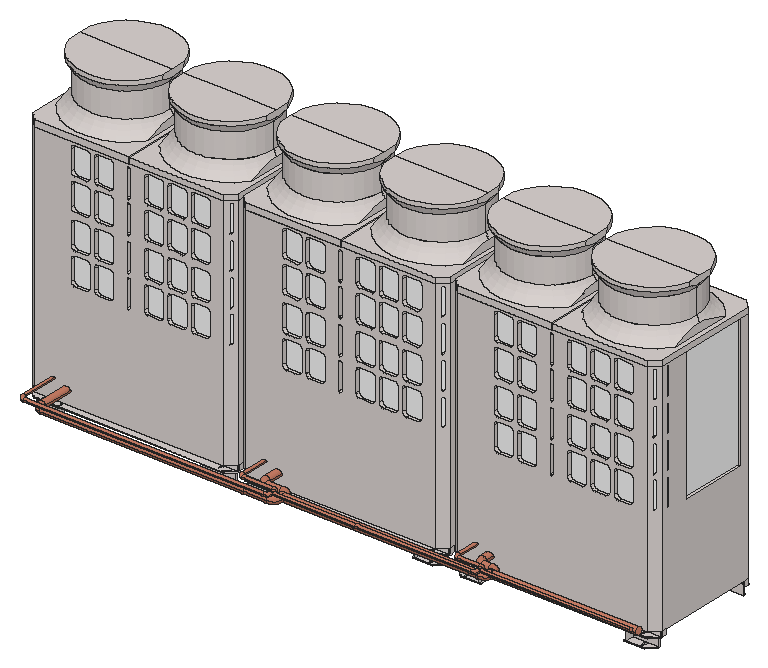
Revit family "PUHY-EP1100YSNW-A", category Mechanical Equipment, Revit 2012
Parameters (values of type "PUHY-EP1100YSNW-A_415V_60Hz")
  Sound Pressure Level (dB(A)) Heating mode = 69
  Sound Pressure Level (dB(A)) Cooling mode = 68.5
  Model = "PUHY-EP1100YSNW-A"
  Width = 3780 mm
  WarrantyStart = ""
  Voltage = 415 V
  Unit Weight (kg) = 875
  URL = "http://www.mitsubishielectric.com/"
  Temp. range of heating (Outdoor temp.) (W.B.) = "-20.0 to 15.5"
  Temp. range of heating (Indoor temp.) (D.B.) = "15.0 to 27.0"
  TagNumber = 0
  Subcategory = "HVAC"
  Space View = yes
  SerialNumber = 0
  ReplacementYear = ""
  Refrigerant type = "R410A"
  Refrigerant Charge (kg) = 30.4
  Protection Devices_Inverter circuit (COMP./FAN) = "Over-heat protection, Over-current protection"
  Protection Devices_High pressure (MPa) = "High pressure sensor, High pressure switch at 4.15"
  Phase = 3
  Manufacturer = "Mitsubishi Electric Corporation"
  Outdoor unit 3 = PUHY-EP350YNW-A : PUHY-EP350YNW-A
  Outdoor unit 2 = PUHY-EP350YNW-A : PUHY-EP350YNW-A
  Outdoor unit 1 = PUHY-EP400YNW-A : PUHY-EP400YNW-A
  Note_1 = "Refrigerant pipe diameters may change depending on the installation condition. Please refer to the installation manual."
  Maximum Circuit Ampacity (A) = 76.4
  Liquid pipe_radius = 9.525 mm
  InstallationDate = ""
  Indoor Unit Total Capacity = "50 to 130% of outdoor unit capacity"
  Indoor Unit Model/Quantity = "P15 to P250/3 to 50"
  Hertz = 60 Hz
  Height = 1858 mm
  Heating Power Input (kW) = 33
  Heating Current (A) = 51
  Heating Capacity (kW) = 140
  Heating COP (kW/kW) = 4.24
  Gas pipe_radius = 20.64 mm
  Fan_Type = "Propeller Fan"
  Fan_Quantity = 6
  Fan Motor Output (kW) = 2.76
  External static pressure (Pa) = 0
  External Finish = "Pre-coated galvanized steel sheets (+powder coating for -BS type) <MUNSELL 5Y 8/1 or similar>"
  Equip_description = ""
  Equip_No. = 0
  Equip_ID = ""
  Description = ""
  Depth = 740 mm
  CreatedOn = ""
  CreatedBy = ""
  Cooling Power Input (kW) = 28.56
  Cooling EER (kW/kW) = 4.34
  Cooling Current (A) = 44.1
  Cooling Capacity (kW) = 124
  Compressor_Type = "Inverter scroll hermetic compressor"
  Compressor_Quantity = 3
  Compressor_Lubricant = "MEL32"
  Compressor Motor Output (kW) = 30.5
  Category = ""
  Barcode = ""
  AssetIdentifier = ""
  Airflow Rate (m3/min) = 810
  Airflow Rate (m3/h) = 48600
Reference planes
  plane 1 "Center (Front/Back)": y = 0
  plane 2: z = 0
  plane 3 "Center (Left/Right)": x = 0
  plane 4: y = 370
  plane 5 "front": y = -370
  plane 6: x = -1890
  plane 7: x = 1890
  plane 8: x = -620
  plane 9: x = 620
  plane 10: x = -650
  plane 11: x = 650
  plane 12: y = 370
  plane 13: y = -370
  plane 14: z = 1858
  plane 15: x = -1647
  plane 16: x = -1730.603
  plane 17: x = -377
  plane 18: x = -460
  plane 19: x = 893
  plane 20: x = 810
Forms (mm)
  Sweep 1, solid, material "Copper"
    path origin (-51.563, 17.925, 207.255) x (0, -1, 0) y (1, 0, 0)
      loop
        line (380, -1679.039) -> (605, -1679.039)
        arc (605, -1679.039) -> (626.213, -1670.253) -> (635, -1649.039) r 30
        line (635, -1649.039) -> (635, -208.337)
        arc (635, -208.337) -> (629.142, -194.195) -> (615, -188.337) r 20
        line (615, -188.337) -> (590, -188.337)
        arc (590, -188.337) -> (575.858, -194.195) -> (570, -208.337) r 20
        line (570, -208.337) -> (570, -388.437)
        arc (570, -388.437) -> (564.142, -402.579) -> (550, -408.437) r 20
        line (550, -408.437) -> (380, -408.437)
    profile origin (-1730.603, -474.575, 207.255) x (1, 0, 0) y (0, 0, 1)
      loop
        circle (0, 0) r 9.525
  Sweep 2, solid, material "Copper"
    path origin (-48.859, 17.925, 173.255) x (-1, 0, 0) y (0, -1, 0)
      loop
        line (1598.141, 380) -> (1598.141, 575)
        arc (1598.141, 575) -> (1587.889, 599.749) -> (1563.141, 610) r 35
        line (1563.141, 610) -> (342, 610) -> (204.723, 610)
        arc (204.723, 610) -> (179.974, 599.749) -> (169.723, 575) r 35
        line (169.723, 575) -> (169.723, 545)
        arc (169.723, 545) -> (179.974, 520.251) -> (204.723, 510) r 35
        line (204.723, 510) -> (293.141, 510)
        arc (293.141, 510) -> (317.889, 499.749) -> (328.141, 475) r 35
        line (328.141, 475) -> (328.141, 380)
    profile origin (-1647, -459.575, 173.255) x (1, 0, 0) y (0, 0, 1)
      loop
        circle (0, 0) r 20.64
  Sweep 3, solid, material "Copper"
    path origin (214.685, 17.925, 207.255) x (0, -1, 0) y (1, 0, 0)
      loop
        line (605, -448.702) -> (605, 51.298) -> (605, 745.315)
        arc (605, 745.315) -> (599.142, 759.457) -> (585, 765.315) r 20
        line (585, 765.315) -> (560.96, 765.315)
        arc (560.96, 765.315) -> (546.818, 759.457) -> (540.96, 745.315) r 20
        line (540.96, 745.315) -> (540.96, 615.315)
        arc (540.96, 615.315) -> (535.102, 601.172) -> (520.96, 595.315) r 20
        line (520.96, 595.315) -> (380, 595.315)
    profile origin (15.984, -587.075, 207.255) x (0, 1, 0) y (0, 0, 1)
      loop
        circle (0, 0) r 9.525
  Sweep 4, solid, material "Copper"
    path origin (188.125, 17.925, 173.255) x (-1, 0, 0) y (0, -1, 0)
      loop
        line (395.125, 555.96) -> (-784.875, 555.96)
        arc (-784.875, 555.96) -> (-809.623, 545.709) -> (-819.875, 520.96) r 35
        line (-819.875, 520.96) -> (-819.875, 510)
        arc (-819.875, 510) -> (-809.623, 485.251) -> (-784.875, 475) r 35
        line (-784.875, 475) -> (-739.875, 475)
        arc (-739.875, 475) -> (-715.126, 464.749) -> (-704.875, 440) r 35
        line (-704.875, 440) -> (-704.875, 380)
    profile origin (383, -538.035, 173.255) x (0, 1, 0) y (0, 0, 1)
      loop
        circle (0, 0) r 20.64
  Sweep 5, solid, material "Copper"
    path origin (114.685, 17.925, 207.255) x (0, -1, 0) y (1, 0, 0)
      loop
        line (572.806, 870.315) -> (572.806, 1775.315)
    profile origin (1437.5, -554.881, 207.255) x (0, 1, 0) y (0, 0, 1)
      loop
        circle (0, 0) r 9.525
  Sweep 6, solid, material "Copper"
    path origin (88.125, 17.925, 173.255) x (-1, 0, 0) y (0, -1, 0)
      loop
        line (-921.875, 515.995) -> (-1801.875, 515.995)
    profile origin (1450, -498.07, 173.255) x (0, 1, 0) y (0, 0, 1)
      loop
        circle (0, 0) r 20.64
Dimensions and locks
  nested 2 to nested 1 = 30 mm
  nested 1 to nested 1 = 1240 mm
  nested 2 to nested 2 = 1240 mm
  plane 6 to plane 3 "Center (Left/Right)" to plane 7 = 1890 mm, 1890 mm
  "Liquid pipe_radius": radius of Sweep 5 sketch curve
  "Gas pipe_radius": radius of Sweep 6 sketch curve
  aligned and locked: level to plane 2
Automatic sketch dimensions
  Sweep 1 sketch curve to plane 5 "front" = 7.925 mm  (x2)
  plane 5 "front" to Sweep 1 sketch curve = 162.075 mm
  Sweep 1 sketch curve to plane 3 "Center (Left/Right)" = 259.9 mm
  Sweep 1 sketch curve to Sweep 1 sketch curve = 20 mm
  Sweep 1 sketch curve to plane 3 "Center (Left/Right)" = 239.9 mm
  plane 5 "front" to Sweep 1 sketch curve = 217.075 mm
  Sweep 1 sketch curve to Sweep 1 sketch curve = 25 mm
  Sweep 1 sketch curve to Sweep 1 sketch curve = 30 mm
  Sweep 1 sketch curve to plane 3 "Center (Left/Right)" = 440 mm
  profile plane to Sweep 1 sketch curve = 0 mm
  Sweep 1 sketch curve to profile plane = 0 mm
  Sweep 2 sketch curve to plane 3 "Center (Left/Right)" = 218.582 mm
  Sweep 2 sketch curve to plane 3 "Center (Left/Right)" = 253.582 mm  (x2)
  Sweep 2 sketch curve to plane 3 "Center (Left/Right)" = 342 mm
  Sweep 2 sketch curve to plane 3 "Center (Left/Right)" = 390.859 mm
  Sweep 2 sketch curve to Sweep 2 sketch curve = 35 mm  (x2)
  plane 5 "front" to Sweep 2 sketch curve = 222.075 mm
  Sweep 2 sketch curve to Sweep 2 sketch curve = 30 mm
  Sweep 2 sketch curve to plane 5 "front" = 7.925 mm  (x2)
  profile plane to Sweep 2 sketch curve = 0 mm
  Sweep 2 sketch curve to profile plane = 0 mm
  Sweep 3 sketch curve to profile plane = 0 mm  (x2)
  Sweep 4 sketch curve to profile plane = 0 mm  (x2)
  Sweep 5 sketch curve to profile plane = 0 mm  (x2)
  Sweep 6 sketch curve to profile plane = 0 mm  (x2)
  Sweep 1 sketch curve to Sweep 1 sketch curve = 1240.603 mm
  Sweep 2 sketch curve to Sweep 2 sketch curve = 1235 mm
  Sweep 3 sketch curve to plane 20 = 0 mm
  Sweep 3 sketch curve to plane 5 "front" = 7.925 mm
  plane 20 to Sweep 3 sketch curve = 20 mm
  plane 5 "front" to Sweep 3 sketch curve = 133.035 mm
  Sweep 3 sketch curve to Sweep 3 sketch curve = 20 mm
  Sweep 3 sketch curve to Sweep 3 sketch curve = 24.04 mm
  plane 5 "front" to Sweep 3 sketch curve = 217.075 mm
  plane 3 "Center (Left/Right)" to Sweep 3 sketch curve = 265.984 mm
  plane 17 to Sweep 3 sketch curve = 142.984 mm
  plane 19 to Sweep 3 sketch curve = 67 mm
  Sweep 4 sketch curve to plane 19 = 0 mm
  plane 19 to Sweep 4 sketch curve = 35 mm
  Sweep 4 sketch curve to Sweep 4 sketch curve = 45 mm
  Sweep 4 sketch curve to Sweep 4 sketch curve = 0 mm
  Sweep 4 sketch curve to Sweep 4 sketch curve = 35 mm
  plane 17 to Sweep 4 sketch curve = 170 mm
  Sweep 4 sketch curve to plane 5 "front" = 7.925 mm
  plane 5 "front" to Sweep 4 sketch curve = 52.075 mm
  Sweep 4 sketch curve to Sweep 4 sketch curve = 10.96 mm
  Sweep 6 sketch curve to plane 7 = 0 mm
  plane 19 to Sweep 6 sketch curve = 117 mm
  plane 5 "front" to Sweep 6 sketch curve = 128.07 mm
  Sweep 5 sketch curve to plane 7 = 0 mm
  plane 5 "front" to Sweep 5 sketch curve = 184.881 mm
  plane 19 to Sweep 5 sketch curve = 92 mm
  radius of Sweep 1 sketch curve = 9.525 mm
  radius of Sweep 2 sketch curve = 20.64 mm
  radius of Sweep 3 sketch curve = 9.525 mm
  radius of Sweep 4 sketch curve = 20.64 mm
Nested families
  nested 1: "PUHY-EP350YNW-A" at (0, 0, 0), type <- "Outdoor unit 2", type "PUHY-EP350YNW-A"
  nested 2: "PUHY-EP400YNW-A" at (-1270, 0, 0), type <- "Outdoor unit 1", type "PUHY-EP400YNW-A"
  nested 3: "PUHY-EP350YNW-A" at (1270, 0, 0), type "PUHY-EP350YNW-A"
Connectors
  piping at (1890, -498.07, 173.255), driven by "Gas pipe_radius"
    settings: on Sweep 6, index 1, connector radius 20.64 mm, flow factor 0, pipe flow 0.0 L/s, pressure drop 0.0 Pa, fitting loss kfactor 0, connector angle 0.00°, fixture units 0, engagement length 0 mm, flow configuration 0, flow direction 0, fitting loss method 0, system type 22, joint type 0, gender type 0, connector reference index -1, connector utility 0, adjustable connector no, is connector primary yes, fitting loss table "", connector description "Indoor unit-Twinning pipe(Gas)"
  piping at (1890, -554.881, 207.255), driven by "Liquid pipe_radius"
    settings: on Sweep 5, index 2, connector radius 9.525 mm, flow factor 0, pipe flow 0.0 L/s, pressure drop 0.0 Pa, fitting loss kfactor 0, connector angle 0.00°, fixture units 0, engagement length 0 mm, flow configuration 0, flow direction 0, fitting loss method 0, system type 22, joint type 0, gender type 0, connector reference index -1, connector utility 0, adjustable connector no, is connector primary no, fitting loss table "", connector description "Indoor unit-Twinning pipe(Liquid)"
  electrical at (992, -370, 279), driven by "Phase", driven by "Voltage"
    settings: index 3, voltage 415 V, apparent load 0 VA, apparent load phase1 0 VA, apparent load phase2 0 VA, apparent load phase3 0 VA, power factor 1, load classification "その他", number of poles 3, system type 30, power factor state 1, is connector primary yes, connector utility no, sub classification motor no, connector description ""
  electrical at (-258, -370, 279), driven by "Phase", driven by "Voltage"
    settings: index 4, voltage 415 V, apparent load 0 VA, apparent load phase1 0 VA, apparent load phase2 0 VA, apparent load phase3 0 VA, power factor 1, load classification "その他", number of poles 3, system type 30, power factor state 1, is connector primary no, connector utility no, sub classification motor no, connector description ""
  electrical at (-1508, -370, 279), driven by "Phase", driven by "Voltage"
    settings: index 5, voltage 415 V, apparent load 0 VA, apparent load phase1 0 VA, apparent load phase2 0 VA, apparent load phase3 0 VA, power factor 1, load classification "その他", number of poles 3, system type 30, power factor state 1, is connector primary no, connector utility no, sub classification motor no, connector description ""
Definition of nested family "PUHY-EP350YNW-A"
  Parameters (values of type "PUHY-P350YNW-A")
    Model = "PUHY-P350YNW-A"
    URL = "http://www.mitsubishielectric.com/"
    Manufacturer = "Mitsubishi Electric Corporation"
    Liquid pipe_radius = 12.7 mm
    Gas pipe_radius = 14.29 mm
  Reference planes
    plane 1 "Center (Front/Back)": y = 0
    plane 2: z = 0
    plane 3 "Center (Left/Right)": x = 0
    plane 4: y = 370
    plane 5: z = 1858
    plane 6: y = -260
    plane 7: y = -204
    plane 8: y = -185
    plane 9: x = -620
    plane 10: x = 620
    plane 11: x = -620
    plane 12: z = 716
    plane 13: x = -524
    plane 14: z = 669
    plane 15: x = -50.5
    plane 16: x = 51
    plane 17: x = 489
    plane 18: x = 467
    plane 19 "132": x = 488
    plane 20 "100": z = 160
    plane 21: z = 185
    plane 22: x = 413
    plane 23: x = 364
    plane 24: z = 150
    plane 25: x = -287.25
    plane 26: x = -137.25
    plane 27: x = -272.25
    plane 28: y = -278
    plane 29: z = 1509
    plane 30: y = -370
    plane 31: x = -530
    plane 32: x = 530
    plane 33 "179": y = -191
  Forms (mm)
    Extrusion 1, solid, material "Paint_5Y 8/1"
      sketch origin (-1, 0, 113) x (-1, 0, 0) y (0, -1, 0)
        loop
          line (569, -370) -> (619, -320) -> (619, 320) -> (569, 370) -> (-571, 370) -> (-621, 320) -> (-621, -320) -> (-571, -370) -> (569, -370)
      from -18 to 1408
    Extrusion 2, void
      sketch origin (524, -370, 113) x (1, 0, 0) y (0, 0, -1)
        loop
          arc (-60.8, -1393.5) -> (-42.557, -1385.943) -> (-35, -1367.7) r 25.8
          line (-35, -1367.7) -> (-35, -1248.5)
          arc (-35, -1248.5) -> (-42.557, -1230.257) -> (-60.8, -1222.7) r 25.8
          line (-60.8, -1222.7) -> (-126, -1222.7)
          arc (-126, -1222.7) -> (-144.243, -1230.257) -> (-151.8, -1248.5) r 25.8
          line (-151.8, -1248.5) -> (-151.8, -1367.7)
          arc (-151.8, -1367.7) -> (-144.243, -1385.943) -> (-126, -1393.5) r 25.8
          line (-126, -1393.5) -> (-60.8, -1393.5)
      from 0 to 20
    Extrusion 3, void
      sketch origin (524, -370, -81) x (1, 0, 0) y (0, 0, -1)
        loop
          arc (-60.8, -1393.5) -> (-42.557, -1385.943) -> (-35, -1367.7) r 25.8
          line (-35, -1367.7) -> (-35, -1248.5)
          arc (-35, -1248.5) -> (-42.557, -1230.257) -> (-60.8, -1222.7) r 25.8
          line (-60.8, -1222.7) -> (-126, -1222.7)
          arc (-126, -1222.7) -> (-144.243, -1230.257) -> (-151.8, -1248.5) r 25.8
          line (-151.8, -1248.5) -> (-151.8, -1367.7)
          arc (-151.8, -1367.7) -> (-144.243, -1385.943) -> (-126, -1393.5) r 25.8
          line (-126, -1393.5) -> (-60.8, -1393.5)
      from 0 to 20
    Extrusion 4, void
      sketch origin (524, -370, -287) x (1, 0, 0) y (0, 0, -1)
        loop
          arc (-60.8, -1393.5) -> (-42.557, -1385.943) -> (-35, -1367.7) r 25.8
          line (-35, -1367.7) -> (-35, -1248.5)
          arc (-35, -1248.5) -> (-42.557, -1230.257) -> (-60.8, -1222.7) r 25.8
          line (-60.8, -1222.7) -> (-126, -1222.7)
          arc (-126, -1222.7) -> (-144.243, -1230.257) -> (-151.8, -1248.5) r 25.8
          line (-151.8, -1248.5) -> (-151.8, -1367.7)
          arc (-151.8, -1367.7) -> (-144.243, -1385.943) -> (-126, -1393.5) r 25.8
          line (-126, -1393.5) -> (-60.8, -1393.5)
      from 0 to 20
    Extrusion 5, void
      sketch origin (524, -370, -481) x (1, 0, 0) y (0, 0, -1)
        loop
          arc (-60.8, -1393.5) -> (-42.557, -1385.943) -> (-35, -1367.7) r 25.8
          line (-35, -1367.7) -> (-35, -1248.5)
          arc (-35, -1248.5) -> (-42.557, -1230.257) -> (-60.8, -1222.7) r 25.8
          line (-60.8, -1222.7) -> (-126, -1222.7)
          arc (-126, -1222.7) -> (-144.243, -1230.257) -> (-151.8, -1248.5) r 25.8
          line (-151.8, -1248.5) -> (-151.8, -1367.7)
          arc (-151.8, -1367.7) -> (-144.243, -1385.943) -> (-126, -1393.5) r 25.8
          line (-126, -1393.5) -> (-60.8, -1393.5)
      from 0 to 20
    Extrusion 6, void
      sketch origin (384, -370, 113) x (1, 0, 0) y (0, 0, -1)
        loop
          arc (-60.8, -1393.5) -> (-42.557, -1385.943) -> (-35, -1367.7) r 25.8
          line (-35, -1367.7) -> (-35, -1248.5)
          arc (-35, -1248.5) -> (-42.557, -1230.257) -> (-60.8, -1222.7) r 25.8
          line (-60.8, -1222.7) -> (-126, -1222.7)
          arc (-126, -1222.7) -> (-144.243, -1230.257) -> (-151.8, -1248.5) r 25.8
          line (-151.8, -1248.5) -> (-151.8, -1367.7)
          arc (-151.8, -1367.7) -> (-144.243, -1385.943) -> (-126, -1393.5) r 25.8
          line (-126, -1393.5) -> (-60.8, -1393.5)
      from 0 to 20
    Extrusion 7, void
      sketch origin (384, -370, -81) x (1, 0, 0) y (0, 0, -1)
        loop
          arc (-60.8, -1393.5) -> (-42.557, -1385.943) -> (-35, -1367.7) r 25.8
          line (-35, -1367.7) -> (-35, -1248.5)
          arc (-35, -1248.5) -> (-42.557, -1230.257) -> (-60.8, -1222.7) r 25.8
          line (-60.8, -1222.7) -> (-126, -1222.7)
          arc (-126, -1222.7) -> (-144.243, -1230.257) -> (-151.8, -1248.5) r 25.8
          line (-151.8, -1248.5) -> (-151.8, -1367.7)
          arc (-151.8, -1367.7) -> (-144.243, -1385.943) -> (-126, -1393.5) r 25.8
          line (-126, -1393.5) -> (-60.8, -1393.5)
      from 0 to 20
    Extrusion 8, void
      sketch origin (384, -370, -287) x (1, 0, 0) y (0, 0, -1)
        loop
          arc (-60.8, -1393.5) -> (-42.557, -1385.943) -> (-35, -1367.7) r 25.8
          line (-35, -1367.7) -> (-35, -1248.5)
          arc (-35, -1248.5) -> (-42.557, -1230.257) -> (-60.8, -1222.7) r 25.8
          line (-60.8, -1222.7) -> (-126, -1222.7)
          arc (-126, -1222.7) -> (-144.243, -1230.257) -> (-151.8, -1248.5) r 25.8
          line (-151.8, -1248.5) -> (-151.8, -1367.7)
          arc (-151.8, -1367.7) -> (-144.243, -1385.943) -> (-126, -1393.5) r 25.8
          line (-126, -1393.5) -> (-60.8, -1393.5)
      from 0 to 20
    Extrusion 9, void
      sketch origin (384, -370, -481) x (1, 0, 0) y (0, 0, -1)
        loop
          arc (-60.8, -1393.5) -> (-42.557, -1385.943) -> (-35, -1367.7) r 25.8
          line (-35, -1367.7) -> (-35, -1248.5)
          arc (-35, -1248.5) -> (-42.557, -1230.257) -> (-60.8, -1222.7) r 25.8
          line (-60.8, -1222.7) -> (-126, -1222.7)
          arc (-126, -1222.7) -> (-144.243, -1230.257) -> (-151.8, -1248.5) r 25.8
          line (-151.8, -1248.5) -> (-151.8, -1367.7)
          arc (-151.8, -1367.7) -> (-144.243, -1385.943) -> (-126, -1393.5) r 25.8
          line (-126, -1393.5) -> (-60.8, -1393.5)
      from 0 to 20
    Extrusion 10, void
      sketch origin (244, -370, 113) x (1, 0, 0) y (0, 0, -1)
        loop
          arc (-60.8, -1393.5) -> (-42.557, -1385.943) -> (-35, -1367.7) r 25.8
          line (-35, -1367.7) -> (-35, -1248.5)
          arc (-35, -1248.5) -> (-42.557, -1230.257) -> (-60.8, -1222.7) r 25.8
          line (-60.8, -1222.7) -> (-126, -1222.7)
          arc (-126, -1222.7) -> (-144.243, -1230.257) -> (-151.8, -1248.5) r 25.8
          line (-151.8, -1248.5) -> (-151.8, -1367.7)
          arc (-151.8, -1367.7) -> (-144.243, -1385.943) -> (-126, -1393.5) r 25.8
          line (-126, -1393.5) -> (-60.8, -1393.5)
      from 0 to 20
    Extrusion 11, void
      sketch origin (244, -370, -81) x (1, 0, 0) y (0, 0, -1)
        loop
          arc (-60.8, -1393.5) -> (-42.557, -1385.943) -> (-35, -1367.7) r 25.8
          line (-35, -1367.7) -> (-35, -1248.5)
          arc (-35, -1248.5) -> (-42.557, -1230.257) -> (-60.8, -1222.7) r 25.8
          line (-60.8, -1222.7) -> (-126, -1222.7)
          arc (-126, -1222.7) -> (-144.243, -1230.257) -> (-151.8, -1248.5) r 25.8
          line (-151.8, -1248.5) -> (-151.8, -1367.7)
          arc (-151.8, -1367.7) -> (-144.243, -1385.943) -> (-126, -1393.5) r 25.8
          line (-126, -1393.5) -> (-60.8, -1393.5)
      from 0 to 20
    Extrusion 12, void
      sketch origin (244, -370, -287) x (1, 0, 0) y (0, 0, -1)
        loop
          arc (-60.8, -1393.5) -> (-42.557, -1385.943) -> (-35, -1367.7) r 25.8
          line (-35, -1367.7) -> (-35, -1248.5)
          arc (-35, -1248.5) -> (-42.557, -1230.257) -> (-60.8, -1222.7) r 25.8
          line (-60.8, -1222.7) -> (-126, -1222.7)
          arc (-126, -1222.7) -> (-144.243, -1230.257) -> (-151.8, -1248.5) r 25.8
          line (-151.8, -1248.5) -> (-151.8, -1367.7)
          arc (-151.8, -1367.7) -> (-144.243, -1385.943) -> (-126, -1393.5) r 25.8
          line (-126, -1393.5) -> (-60.8, -1393.5)
      from 0 to 20
    Extrusion 13, void
      sketch origin (244, -370, -481) x (1, 0, 0) y (0, 0, -1)
        loop
          arc (-60.8, -1393.5) -> (-42.557, -1385.943) -> (-35, -1367.7) r 25.8
          line (-35, -1367.7) -> (-35, -1248.5)
          arc (-35, -1248.5) -> (-42.557, -1230.257) -> (-60.8, -1222.7) r 25.8
          line (-60.8, -1222.7) -> (-126, -1222.7)
          arc (-126, -1222.7) -> (-144.243, -1230.257) -> (-151.8, -1248.5) r 25.8
          line (-151.8, -1248.5) -> (-151.8, -1367.7)
          arc (-151.8, -1367.7) -> (-144.243, -1385.943) -> (-126, -1393.5) r 25.8
          line (-126, -1393.5) -> (-60.8, -1393.5)
      from 0 to 20
    Extrusion 14, void
      sketch origin (-56, -370, 113) x (1, 0, 0) y (0, 0, -1)
        loop
          arc (-60.8, -1393.5) -> (-42.557, -1385.943) -> (-35, -1367.7) r 25.8
          line (-35, -1367.7) -> (-35, -1248.5)
          arc (-35, -1248.5) -> (-42.557, -1230.257) -> (-60.8, -1222.7) r 25.8
          line (-60.8, -1222.7) -> (-126, -1222.7)
          arc (-126, -1222.7) -> (-144.243, -1230.257) -> (-151.8, -1248.5) r 25.8
          line (-151.8, -1248.5) -> (-151.8, -1367.7)
          arc (-151.8, -1367.7) -> (-144.243, -1385.943) -> (-126, -1393.5) r 25.8
          line (-126, -1393.5) -> (-60.8, -1393.5)
      from 0 to 20
    Extrusion 15, void
      sketch origin (-56, -370, -81) x (1, 0, 0) y (0, 0, -1)
        loop
          arc (-60.8, -1393.5) -> (-42.557, -1385.943) -> (-35, -1367.7) r 25.8
          line (-35, -1367.7) -> (-35, -1248.5)
          arc (-35, -1248.5) -> (-42.557, -1230.257) -> (-60.8, -1222.7) r 25.8
          line (-60.8, -1222.7) -> (-126, -1222.7)
          arc (-126, -1222.7) -> (-144.243, -1230.257) -> (-151.8, -1248.5) r 25.8
          line (-151.8, -1248.5) -> (-151.8, -1367.7)
          arc (-151.8, -1367.7) -> (-144.243, -1385.943) -> (-126, -1393.5) r 25.8
          line (-126, -1393.5) -> (-60.8, -1393.5)
      from 0 to 20
    Extrusion 16, void
      sketch origin (-56, -370, -287) x (1, 0, 0) y (0, 0, -1)
        loop
          arc (-60.8, -1393.5) -> (-42.557, -1385.943) -> (-35, -1367.7) r 25.8
          line (-35, -1367.7) -> (-35, -1248.5)
          arc (-35, -1248.5) -> (-42.557, -1230.257) -> (-60.8, -1222.7) r 25.8
          line (-60.8, -1222.7) -> (-126, -1222.7)
          arc (-126, -1222.7) -> (-144.243, -1230.257) -> (-151.8, -1248.5) r 25.8
          line (-151.8, -1248.5) -> (-151.8, -1367.7)
          arc (-151.8, -1367.7) -> (-144.243, -1385.943) -> (-126, -1393.5) r 25.8
          line (-126, -1393.5) -> (-60.8, -1393.5)
      from 0 to 20
    Extrusion 17, void
      sketch origin (-56, -370, -481) x (1, 0, 0) y (0, 0, -1)
        loop
          arc (-60.8, -1393.5) -> (-42.557, -1385.943) -> (-35, -1367.7) r 25.8
          line (-35, -1367.7) -> (-35, -1248.5)
          arc (-35, -1248.5) -> (-42.557, -1230.257) -> (-60.8, -1222.7) r 25.8
          line (-60.8, -1222.7) -> (-126, -1222.7)
          arc (-126, -1222.7) -> (-144.243, -1230.257) -> (-151.8, -1248.5) r 25.8
          line (-151.8, -1248.5) -> (-151.8, -1367.7)
          arc (-151.8, -1367.7) -> (-144.243, -1385.943) -> (-126, -1393.5) r 25.8
          line (-126, -1393.5) -> (-60.8, -1393.5)
      from 0 to 20
    Extrusion 18, void
      sketch origin (-196, -370, 113) x (1, 0, 0) y (0, 0, -1)
        loop
          arc (-60.8, -1393.5) -> (-42.557, -1385.943) -> (-35, -1367.7) r 25.8
          line (-35, -1367.7) -> (-35, -1248.5)
          arc (-35, -1248.5) -> (-42.557, -1230.257) -> (-60.8, -1222.7) r 25.8
          line (-60.8, -1222.7) -> (-126, -1222.7)
          arc (-126, -1222.7) -> (-144.243, -1230.257) -> (-151.8, -1248.5) r 25.8
          line (-151.8, -1248.5) -> (-151.8, -1367.7)
          arc (-151.8, -1367.7) -> (-144.243, -1385.943) -> (-126, -1393.5) r 25.8
          line (-126, -1393.5) -> (-60.8, -1393.5)
      from 0 to 20
    Extrusion 19, void
      sketch origin (-196, -370, -81) x (1, 0, 0) y (0, 0, -1)
        loop
          arc (-60.8, -1393.5) -> (-42.557, -1385.943) -> (-35, -1367.7) r 25.8
          line (-35, -1367.7) -> (-35, -1248.5)
          arc (-35, -1248.5) -> (-42.557, -1230.257) -> (-60.8, -1222.7) r 25.8
          line (-60.8, -1222.7) -> (-126, -1222.7)
          arc (-126, -1222.7) -> (-144.243, -1230.257) -> (-151.8, -1248.5) r 25.8
          line (-151.8, -1248.5) -> (-151.8, -1367.7)
          arc (-151.8, -1367.7) -> (-144.243, -1385.943) -> (-126, -1393.5) r 25.8
          line (-126, -1393.5) -> (-60.8, -1393.5)
      from 0 to 20
    Extrusion 20, void
      sketch origin (-196, -370, -287) x (1, 0, 0) y (0, 0, -1)
        loop
          arc (-60.8, -1393.5) -> (-42.557, -1385.943) -> (-35, -1367.7) r 25.8
          line (-35, -1367.7) -> (-35, -1248.5)
          arc (-35, -1248.5) -> (-42.557, -1230.257) -> (-60.8, -1222.7) r 25.8
          line (-60.8, -1222.7) -> (-126, -1222.7)
          arc (-126, -1222.7) -> (-144.243, -1230.257) -> (-151.8, -1248.5) r 25.8
          line (-151.8, -1248.5) -> (-151.8, -1367.7)
          arc (-151.8, -1367.7) -> (-144.243, -1385.943) -> (-126, -1393.5) r 25.8
          line (-126, -1393.5) -> (-60.8, -1393.5)
      from 0 to 20
    Extrusion 21, void
      sketch origin (-196, -370, -481) x (1, 0, 0) y (0, 0, -1)
        loop
          arc (-60.8, -1393.5) -> (-42.557, -1385.943) -> (-35, -1367.7) r 25.8
          line (-35, -1367.7) -> (-35, -1248.5)
          arc (-35, -1248.5) -> (-42.557, -1230.257) -> (-60.8, -1222.7) r 25.8
          line (-60.8, -1222.7) -> (-126, -1222.7)
          arc (-126, -1222.7) -> (-144.243, -1230.257) -> (-151.8, -1248.5) r 25.8
          line (-151.8, -1248.5) -> (-151.8, -1367.7)
          arc (-151.8, -1367.7) -> (-144.243, -1385.943) -> (-126, -1393.5) r 25.8
          line (-126, -1393.5) -> (-60.8, -1393.5)
      from 0 to 20
    Extrusion 22, void
      sketch origin (620, 320, 113) x (0, 1, 0) y (0, 0, -1)
        loop
          line (-462.3, -1408) -> (-50.8, -1408) -> (-50.8, -612) -> (-462.3, -612) -> (-462.3, -1408)
      from 0 to 20
    Extrusion 23, void
      sketch origin (-620, -320, 113) x (0, -1, 0) y (0, 0, -1)
        loop
          line (-535.7, -1408) -> (-207.7, -1408) -> (-207.7, -592) -> (-535.7, -592) -> (-535.7, -1408)
      from 0 to 20
    Extrusion 24, void
      sketch origin (194.892, 370, 113) x (-1, 0, 0) y (0, 0, -1)
        loop
          arc (204.892, -1225.013) -> (194.892, -1215.013) -> (184.892, -1225.013) r 10
          line (184.892, -1225.013) -> (184.892, -1379.987)
          arc (184.892, -1379.987) -> (194.892, -1389.987) -> (204.892, -1379.987) r 10
          line (204.892, -1379.987) -> (204.892, -1225.013)
        loop
          arc (204.892, -1031.013) -> (194.892, -1021.013) -> (184.892, -1031.013) r 10
          line (184.892, -1031.013) -> (184.892, -1185.987)
          arc (184.892, -1185.987) -> (194.892, -1195.987) -> (204.892, -1185.987) r 10
          line (204.892, -1185.987) -> (204.892, -1031.013)
        loop
          arc (204.892, -825.013) -> (194.892, -815.013) -> (184.892, -825.013) r 10
          line (184.892, -825.013) -> (184.892, -979.987)
          arc (184.892, -979.987) -> (194.892, -989.987) -> (204.892, -979.987) r 10
          line (204.892, -979.987) -> (204.892, -825.013)
        loop
          arc (204.892, -631.013) -> (194.892, -621.013) -> (184.892, -631.013) r 10
          line (184.892, -631.013) -> (184.892, -785.987)
          arc (184.892, -785.987) -> (194.892, -795.987) -> (204.892, -785.987) r 10
          line (204.892, -785.987) -> (204.892, -631.013)
      from 0 to 20
    Extrusion 25, void
      sketch origin (-570, 370, 113) x (0.707107, 0.707107, 0) y (0, 0, 1)
        loop
          arc (-45.355, 1236) -> (-35.355, 1226) -> (-25.355, 1236) r 10
          line (-25.355, 1236) -> (-25.355, 1386)
          arc (-25.355, 1386) -> (-35.355, 1396) -> (-45.355, 1386) r 10
          line (-45.355, 1386) -> (-45.355, 1236)
        loop
          arc (-45.355, 1036) -> (-35.355, 1026) -> (-25.355, 1036) r 10
          line (-25.355, 1036) -> (-25.355, 1186)
          arc (-25.355, 1186) -> (-35.355, 1196) -> (-45.355, 1186) r 10
          line (-45.355, 1186) -> (-45.355, 1036)
        loop
          arc (-45.355, 836) -> (-35.355, 826) -> (-25.355, 836) r 10
          line (-25.355, 836) -> (-25.355, 986)
          arc (-25.355, 986) -> (-35.355, 996) -> (-45.355, 986) r 10
          line (-45.355, 986) -> (-45.355, 836)
        loop
          arc (-45.355, 641) -> (-35.355, 631) -> (-25.355, 641) r 10
          line (-25.355, 641) -> (-25.355, 791)
          arc (-25.355, 791) -> (-35.355, 801) -> (-45.355, 791) r 10
          line (-45.355, 791) -> (-45.355, 641)
      from 0 to 20
    Extrusion 26, void
      sketch origin (-620, -320, 113) x (0, -1, 0) y (0, 0, -1)
        loop
          line (-607.846, -1035.895) -> (-607.846, -1186.105)
          arc (-607.846, -1186.105) -> (-597.846, -1196.105) -> (-587.846, -1186.105) r 10
          line (-587.846, -1186.105) -> (-587.846, -1035.895)
          arc (-587.846, -1035.895) -> (-597.846, -1025.895) -> (-607.846, -1035.895) r 10
        loop
          line (-607.846, -835.895) -> (-607.846, -986.105)
          arc (-607.846, -986.105) -> (-597.846, -996.105) -> (-587.846, -986.105) r 10
          line (-587.846, -986.105) -> (-587.846, -835.895)
          arc (-587.846, -835.895) -> (-597.846, -825.895) -> (-607.846, -835.895) r 10
        loop
          line (-607.846, -1235.895) -> (-607.846, -1386.105)
          arc (-607.846, -1386.105) -> (-597.846, -1396.105) -> (-587.846, -1386.105) r 10
          line (-587.846, -1386.105) -> (-587.846, -1235.895)
          arc (-587.846, -1235.895) -> (-597.846, -1225.895) -> (-607.846, -1235.895) r 10
        loop
          line (-607.846, -635.895) -> (-607.846, -786.105)
          arc (-607.846, -786.105) -> (-597.846, -796.105) -> (-587.846, -786.105) r 10
          line (-587.846, -786.105) -> (-587.846, -635.895)
          arc (-587.846, -635.895) -> (-597.846, -625.895) -> (-607.846, -635.895) r 10
      from 0 to 20
    Extrusion 27, void
      sketch origin (1079, -370, 113) x (1, 0, 0) y (0, 0, -1)
        loop
          arc (-1089, -1379.975) -> (-1079, -1389.975) -> (-1069, -1379.975) r 10
          line (-1069, -1379.975) -> (-1069, -1225)
          arc (-1069, -1225) -> (-1079, -1215) -> (-1089, -1225) r 10
          line (-1089, -1225) -> (-1089, -1379.975)
        loop
          arc (-1089, -1185.975) -> (-1079, -1195.975) -> (-1069, -1185.975) r 10
          line (-1069, -1185.975) -> (-1069, -1031)
          arc (-1069, -1031) -> (-1079, -1021) -> (-1089, -1031) r 10
          line (-1089, -1031) -> (-1089, -1185.975)
        loop
          arc (-1089, -979.975) -> (-1079, -989.975) -> (-1069, -979.975) r 10
          line (-1069, -979.975) -> (-1069, -825)
          arc (-1069, -825) -> (-1079, -815) -> (-1089, -825) r 10
          line (-1089, -825) -> (-1089, -979.975)
        loop
          arc (-1089, -785.975) -> (-1079, -795.975) -> (-1069, -785.975) r 10
          line (-1069, -785.975) -> (-1069, -631)
          arc (-1069, -631) -> (-1079, -621) -> (-1089, -631) r 10
          line (-1089, -631) -> (-1089, -785.975)
      from 0 to 20
    Extrusion 28, void
      sketch origin (-571, 370, 113) x (-1, 0, 0) y (0, 0, -1)
        loop
          line (-519.5, -1408) -> (-48, -1408) -> (-48, -556) -> (-519.5, -556) -> (-519.5, -1408)
      from 0 to 20
    Extrusion 29, void
      sketch origin (-571, 370, 113) x (-1, 0, 0) y (0, 0, -1)
        loop
          line (-1038, -1408) -> (-622, -1408) -> (-622, -556) -> (-1038, -556) -> (-1038, -1408)
      from 0 to 20
    Extrusion 30, void
      sketch origin (620, 320, 113) x (0, 1, 0) y (0, 0, -1)
        loop
          arc (-588, -1035.791) -> (-598, -1025.791) -> (-608, -1035.791) r 10
          line (-608, -1035.791) -> (-608, -1186)
          arc (-608, -1186) -> (-598, -1196) -> (-588, -1186) r 10
          line (-588, -1186) -> (-588, -1035.791)
        loop
          arc (-588, -835.791) -> (-598, -825.791) -> (-608, -835.791) r 10
          line (-608, -835.791) -> (-608, -986)
          arc (-608, -986) -> (-598, -996) -> (-588, -986) r 10
          line (-588, -986) -> (-588, -835.791)
        loop
          arc (-588, -1235.791) -> (-598, -1225.791) -> (-608, -1235.791) r 10
          line (-608, -1235.791) -> (-608, -1386)
          arc (-608, -1386) -> (-598, -1396) -> (-588, -1386) r 10
          line (-588, -1386) -> (-588, -1235.791)
        loop
          arc (-588, -635.791) -> (-598, -625.791) -> (-608, -635.791) r 10
          line (-608, -635.791) -> (-608, -786)
          arc (-608, -786) -> (-598, -796) -> (-588, -786) r 10
          line (-588, -786) -> (-588, -635.791)
      from 0 to 20
    Extrusion 31, void
      sketch origin (1291.751, 351.751, 113) x (0.707107, 0.707107, 0) y (0, 0, -1)
        loop
          line (-995.311, -1236) -> (-995.311, -1386)
          arc (-995.311, -1386) -> (-985.311, -1396) -> (-975.311, -1386) r 10
          line (-975.311, -1386) -> (-975.311, -1236)
          arc (-975.311, -1236) -> (-985.311, -1226) -> (-995.311, -1236) r 10
        loop
          line (-995.311, -1036) -> (-995.311, -1186)
          arc (-995.311, -1186) -> (-985.311, -1196) -> (-975.311, -1186) r 10
          line (-975.311, -1186) -> (-975.311, -1036)
          arc (-975.311, -1036) -> (-985.311, -1026) -> (-995.311, -1036) r 10
        loop
          line (-995.311, -836) -> (-995.311, -986)
          arc (-995.311, -986) -> (-985.311, -996) -> (-975.311, -986) r 10
          line (-975.311, -986) -> (-975.311, -836)
          arc (-975.311, -836) -> (-985.311, -826) -> (-995.311, -836) r 10
        loop
          line (-995.311, -641) -> (-995.311, -791)
          arc (-995.311, -791) -> (-985.311, -801) -> (-975.311, -791) r 10
          line (-975.311, -791) -> (-975.311, -641)
          arc (-975.311, -641) -> (-985.311, -631) -> (-995.311, -641) r 10
      from 0 to 20
    Extrusion 32, void
      sketch origin (0, -191, 0) x (-1, 0, 0) y (0, 0, 1)
        loop
          circle (460, 176) r 6.35
      from 0 to 78.7
    Extrusion 33, void
      sketch origin (0, -191, 0) x (-1, 0, 0) y (0, 0, 1)
        loop
          circle (377, 176) r 14.29
      from 0 to 78.7
  Cuts and joins
    Extrusion 2, Extrusion 3, Extrusion 4, Extrusion 5, Extrusion 6, Extrusion 7, Extrusion 8, Extrusion 9, Extrusion 10, Extrusion 11, Extrusion 12, Extrusion 13, Extrusion 14, Extrusion 15, Extrusion 16, Extrusion 17, Extrusion 18, Extrusion 19, Extrusion 20, Extrusion 21, Extrusion 22, Extrusion 23, Extrusion 24, Extrusion 25, Extrusion 26, Extrusion 27, Extrusion 28, Extrusion 29, Extrusion 30, Extrusion 31, Extrusion 32, Extrusion 33 cuts Extrusion 1
  Lines and regions (mm)
    model lines
      curve 1: line (-351, -291, 95) -> (-481, -291, 95)
      curve 2: line (-342, -206, 95) -> (-342, -282, 95)
      curve 3: line (-481, -197, 95) -> (-351, -197, 95)
      curve 4: line (-492, -280, 95) -> (-492, -208, 95)
      curve 5: arc (-492, -280, 95) -> (-488.778, -287.778, 95) -> (-481, -291, 95) r 11
      curve 6: arc (-351, -291, 95) -> (-344.636, -288.364, 95) -> (-342, -282, 95) r 9
      curve 7: arc (-342, -206, 95) -> (-344.636, -199.636, 95) -> (-351, -197, 95) r 9
      curve 8: arc (-481, -197, 95) -> (-488.778, -200.222, 95) -> (-492, -208, 95) r 11
      curve 9: line (-30, -370, 1521) -> (-30, -370, 95)
      curve 10: line (30, -370, 1521) -> (30, -370, 95)
      curve 11: line (-485, -370, 215) -> (-357, -370, 215)
      curve 12: line (-495, -370, 141) -> (-495, -370, 205)
      curve 13: line (-357, -370, 131) -> (-485, -370, 131)
      curve 14: line (-347, -370, 205) -> (-347, -370, 141)
      curve 15: arc (-485, -370, 215) -> (-492.071, -370, 212.071) -> (-495, -370, 205) r 10
      curve 16: arc (-495, -370, 141) -> (-492.071, -370, 133.929) -> (-485, -370, 131) r 10
      curve 17: arc (-357, -370, 131) -> (-349.929, -370, 133.929) -> (-347, -370, 141) r 10
      curve 18: arc (-347, -370, 205) -> (-349.929, -370, 212.071) -> (-357, -370, 215) r 10
      curve 19: line (-405, -370, 1521) -> (-405, -370, 716)
      curve 20: line (620, -162.3, 1521) -> (620, -162.3, 95)
      curve 21: line (620, 289.2, 1521) -> (620, 289.2, 95)
      curve 22: line (620, -162.3, 705) -> (620, 289.2, 705)
      curve 23: line (620, -162.3, 725) -> (620, 289.2, 725)
      curve 24: line (620, -76.8, 583) -> (620, 203.2, 583)
      curve 25: line (620, 203.2, 563) -> (620, -76.8, 563)
      curve 26: arc (620, -76.8, 583) -> (620, -83.871, 580.071) -> (620, -86.8, 573) r 10
      curve 27: arc (620, -76.8, 563) -> (620, -83.871, 565.929) -> (620, -86.8, 573) r 10
      curve 28: arc (620, 203.2, 583) -> (620, 210.271, 580.071) -> (620, 213.2, 573) r 10
      curve 29: arc (620, 203.2, 563) -> (620, 210.271, 565.929) -> (620, 213.2, 573) r 10
      curve 30: line (620, -76.8, 478) -> (620, 203.2, 478)
      curve 31: line (620, 203.2, 458) -> (620, -76.8, 458)
      curve 32: arc (620, -76.8, 478) -> (620, -83.871, 475.071) -> (620, -86.8, 468) r 10
      curve 33: arc (620, -76.8, 458) -> (620, -83.871, 460.929) -> (620, -86.8, 468) r 10
      curve 34: arc (620, 203.2, 478) -> (620, 210.271, 475.071) -> (620, 213.2, 468) r 10
      curve 35: arc (620, 203.2, 458) -> (620, 210.271, 460.929) -> (620, 213.2, 468) r 10
      curve 36: line (620, -76.8, 373) -> (620, 203.2, 373)
      curve 37: line (620, 203.2, 353) -> (620, -76.8, 353)
      curve 38: arc (620, -76.8, 373) -> (620, -83.871, 370.071) -> (620, -86.8, 363) r 10
      curve 39: arc (620, -76.8, 353) -> (620, -83.871, 355.929) -> (620, -86.8, 363) r 10
      curve 40: arc (620, 203.2, 373) -> (620, 210.271, 370.071) -> (620, 213.2, 363) r 10
      curve 41: arc (620, 203.2, 353) -> (620, 210.271, 355.929) -> (620, 213.2, 363) r 10
      curve 42: line (620, -76.8, 268) -> (620, 203.2, 268)
      curve 43: line (620, 203.2, 248) -> (620, -76.8, 248)
      curve 44: arc (620, -76.8, 268) -> (620, -83.871, 265.071) -> (620, -86.8, 258) r 10
      curve 45: arc (620, -76.8, 248) -> (620, -83.871, 250.929) -> (620, -86.8, 258) r 10
      curve 46: arc (620, 203.2, 268) -> (620, 210.271, 265.071) -> (620, 213.2, 258) r 10
      curve 47: arc (620, 203.2, 248) -> (620, 210.271, 250.929) -> (620, 213.2, 258) r 10
      curve 48: line (-620, -162.3, 1521) -> (-620, -162.3, 95)
      curve 49: line (-620, 235.7, 1521) -> (-620, 235.7, 95)
      curve 50: line (-620, -112.3, 1521) -> (-620, -112.3, 705)
      curve 51: line (-620, 215.7, 1521) -> (-620, 215.7, 705)
      curve 52: line (-620, 235.7, 705) -> (-620, -162.3, 705)
      curve 53: line (-620, 176.7, 268) -> (-620, -103.3, 268)
      curve 54: line (-620, -103.3, 248) -> (-620, 176.7, 248)
      curve 55: arc (-620, 186.7, 258) -> (-620, 183.771, 265.071) -> (-620, 176.7, 268) r 10
      curve 56: arc (-620, 176.7, 248) -> (-620, 183.771, 250.929) -> (-620, 186.7, 258) r 10
      curve 57: arc (-620, -103.3, 268) -> (-620, -110.371, 265.071) -> (-620, -113.3, 258) r 10
      curve 58: arc (-620, -113.3, 258) -> (-620, -110.371, 250.929) -> (-620, -103.3, 248) r 10
      curve 59: line (-620, 176.7, 373) -> (-620, -103.3, 373)
      curve 60: line (-620, -103.3, 353) -> (-620, 176.7, 353)
      curve 61: arc (-620, 186.7, 363) -> (-620, 183.771, 370.071) -> (-620, 176.7, 373) r 10
      curve 62: arc (-620, 176.7, 353) -> (-620, 183.771, 355.929) -> (-620, 186.7, 363) r 10
      curve 63: arc (-620, -103.3, 373) -> (-620, -110.371, 370.071) -> (-620, -113.3, 363) r 10
      curve 64: arc (-620, -113.3, 363) -> (-620, -110.371, 355.929) -> (-620, -103.3, 353) r 10
      curve 65: line (-620, 176.7, 478) -> (-620, -103.3, 478)
      curve 66: line (-620, -103.3, 458) -> (-620, 176.7, 458)
      curve 67: arc (-620, 186.7, 468) -> (-620, 183.771, 475.071) -> (-620, 176.7, 478) r 10
      curve 68: arc (-620, 176.7, 458) -> (-620, 183.771, 460.929) -> (-620, 186.7, 468) r 10
      curve 69: arc (-620, -103.3, 478) -> (-620, -110.371, 475.071) -> (-620, -113.3, 468) r 10
      curve 70: arc (-620, -113.3, 468) -> (-620, -110.371, 460.929) -> (-620, -103.3, 458) r 10
      curve 71: line (-620, 176.7, 583) -> (-620, -103.3, 583)
      curve 72: line (-620, -103.3, 563) -> (-620, 176.7, 563)
      curve 73: arc (-620, 186.7, 573) -> (-620, 183.771, 580.071) -> (-620, 176.7, 583) r 10
      curve 74: arc (-620, 176.7, 563) -> (-620, 183.771, 565.929) -> (-620, 186.7, 573) r 10
      curve 75: arc (-620, -103.3, 583) -> (-620, -110.371, 580.071) -> (-620, -113.3, 573) r 10
      curve 76: arc (-620, -113.3, 573) -> (-620, -110.371, 565.929) -> (-620, -103.3, 563) r 10
      curve 77: line (-544, 370, 1521) -> (-544, 370, 95)
      curve 78: line (489, 370, 649) -> (30, 370, 649)
      curve 79: line (-30.5, 370, 649) -> (-544, 370, 649)
      curve 80: line (-147.25, 370, 584) -> (-427.25, 370, 584)
      curve 81: line (-427.25, 370, 564) -> (-147.25, 370, 564)
      curve 82: arc (-137.25, 370, 574) -> (-140.179, 370, 581.071) -> (-147.25, 370, 584) r 10
      curve 83: arc (-147.25, 370, 564) -> (-140.179, 370, 566.929) -> (-137.25, 370, 574) r 10
      curve 84: arc (-427.25, 370, 584) -> (-434.321, 370, 581.071) -> (-437.25, 370, 574) r 10
      curve 85: arc (-437.25, 370, 574) -> (-434.321, 370, 566.929) -> (-427.25, 370, 564) r 10
      curve 86: circle (448, -185, 1521) r 15 normal (0, 0, 1)
      curve 87: circle (468, -185, 95) r 26 normal (0, 0, 1)
      curve 88: circle (448, -260, 95) r 32.5 normal (0, 0, 1)
      curve 89: circle (404, -204, 95) r 17 normal (0, 0, 1)
      curve 90: line (-550, -370, 1521) -> (-550, -370, 95)
      curve 91: line (-550, -370, 716) -> (-30, -370, 716)
      curve 92: line (550, -370, 95) -> (550, -370, 1521)
      curve 93: line (30, -370, 716) -> (550, -370, 716)
      curve 94: line (-30.5, 370, 1521) -> (-30.5, 370, 95)
      curve 95: line (30, 370, 1521) -> (30, 370, 95)
      curve 96: line (489, 370, 1521) -> (489, 370, 95)
      curve 97: line (467, 370, 669) -> (467, 370, 649)
      curve 98: line (-352, -370, 223) -> (-550, -370, 223)
      curve 99: line (-342, -370, 213) -> (-342, -370, 95)
      curve 100: arc (-342, -370, 213) -> (-344.929, -370, 220.071) -> (-352, -370, 223) r 10
      curve 101: circle (488, -370, 160) r 32.5 normal (0, -1, 0)
      curve 102: circle (488, -370, 160) r 20 normal (0, -1, 0)
      curve 103: circle (364, -370, 150) r 17 normal (0, -1, 0)
      curve 104: circle (413, -370, 185) r 26 normal (0, -1, 0)
      curve 105: circle (413, -370, 185) r 13.5 normal (0, -1, 0)
      curve 106: line (352, -370, 223) -> (550, -370, 223)
      curve 107: line (342, -370, 213) -> (342, -370, 95)
      curve 108: arc (342, -370, 213) -> (344.929, -370, 220.071) -> (352, -370, 223) r 10
      curve 109: line (-147.25, 370, 479) -> (-427.25, 370, 479)
      curve 110: line (-427.25, 370, 459) -> (-147.25, 370, 459)
      curve 111: arc (-137.25, 370, 469) -> (-140.179, 370, 476.071) -> (-147.25, 370, 479) r 10
      curve 112: arc (-147.25, 370, 459) -> (-140.179, 370, 461.929) -> (-137.25, 370, 469) r 10
      curve 113: arc (-427.25, 370, 479) -> (-434.321, 370, 476.071) -> (-437.25, 370, 469) r 10
      curve 114: arc (-437.25, 370, 469) -> (-434.321, 370, 461.929) -> (-427.25, 370, 459) r 10
      curve 115: line (-147.25, 370, 374) -> (-427.25, 370, 374)
      curve 116: line (-427.25, 370, 354) -> (-147.25, 370, 354)
      curve 117: arc (-137.25, 370, 364) -> (-140.179, 370, 371.071) -> (-147.25, 370, 374) r 10
      curve 118: arc (-147.25, 370, 354) -> (-140.179, 370, 356.929) -> (-137.25, 370, 364) r 10
      curve 119: arc (-427.25, 370, 374) -> (-434.321, 370, 371.071) -> (-437.25, 370, 364) r 10
      curve 120: arc (-437.25, 370, 364) -> (-434.321, 370, 356.929) -> (-427.25, 370, 354) r 10
      curve 121: line (-147.25, 370, 269) -> (-427.25, 370, 269)
      curve 122: line (-427.25, 370, 249) -> (-147.25, 370, 249)
      curve 123: arc (-137.25, 370, 259) -> (-140.179, 370, 266.071) -> (-147.25, 370, 269) r 10
      curve 124: arc (-147.25, 370, 249) -> (-140.179, 370, 251.929) -> (-137.25, 370, 259) r 10
      curve 125: arc (-427.25, 370, 269) -> (-434.321, 370, 266.071) -> (-437.25, 370, 259) r 10
      curve 126: arc (-437.25, 370, 259) -> (-434.321, 370, 251.929) -> (-427.25, 370, 249) r 10
      curve 127: line (399.5, 370, 584) -> (119.5, 370, 584)
      curve 128: line (119.5, 370, 564) -> (399.5, 370, 564)
      curve 129: arc (409.5, 370, 574) -> (406.571, 370, 581.071) -> (399.5, 370, 584) r 10
      curve 130: arc (399.5, 370, 564) -> (406.571, 370, 566.929) -> (409.5, 370, 574) r 10
      curve 131: arc (119.5, 370, 584) -> (112.429, 370, 581.071) -> (109.5, 370, 574) r 10
      curve 132: arc (109.5, 370, 574) -> (112.429, 370, 566.929) -> (119.5, 370, 564) r 10
      curve 133: line (399.5, 370, 479) -> (119.5, 370, 479)
      curve 134: line (119.5, 370, 459) -> (399.5, 370, 459)
      curve 135: arc (409.5, 370, 469) -> (406.571, 370, 476.071) -> (399.5, 370, 479) r 10
      curve 136: arc (399.5, 370, 459) -> (406.571, 370, 461.929) -> (409.5, 370, 469) r 10
      curve 137: arc (119.5, 370, 479) -> (112.429, 370, 476.071) -> (109.5, 370, 469) r 10
      curve 138: arc (109.5, 370, 469) -> (112.429, 370, 461.929) -> (119.5, 370, 459) r 10
      curve 139: line (399.5, 370, 374) -> (119.5, 370, 374)
      curve 140: line (119.5, 370, 354) -> (399.5, 370, 354)
      curve 141: arc (409.5, 370, 364) -> (406.571, 370, 371.071) -> (399.5, 370, 374) r 10
      curve 142: arc (399.5, 370, 354) -> (406.571, 370, 356.929) -> (409.5, 370, 364) r 10
      curve 143: arc (119.5, 370, 374) -> (112.429, 370, 371.071) -> (109.5, 370, 364) r 10
      curve 144: arc (109.5, 370, 364) -> (112.429, 370, 356.929) -> (119.5, 370, 354) r 10
      curve 145: line (399.5, 370, 269) -> (119.5, 370, 269)
      curve 146: line (119.5, 370, 249) -> (399.5, 370, 249)
      curve 147: arc (409.5, 370, 259) -> (406.571, 370, 266.071) -> (399.5, 370, 269) r 10
      curve 148: arc (399.5, 370, 249) -> (406.571, 370, 251.929) -> (409.5, 370, 259) r 10
      curve 149: arc (119.5, 370, 269) -> (112.429, 370, 266.071) -> (109.5, 370, 259) r 10
      curve 150: arc (109.5, 370, 259) -> (112.429, 370, 251.929) -> (119.5, 370, 249) r 10
      curve 151: line (399.5, -370, 584) -> (119.5, -370, 584)
      curve 152: line (119.5, -370, 564) -> (399.5, -370, 564)
      curve 153: arc (409.5, -370, 574) -> (406.571, -370, 581.071) -> (399.5, -370, 584) r 10
      curve 154: arc (399.5, -370, 564) -> (406.571, -370, 566.929) -> (409.5, -370, 574) r 10
      curve 155: arc (119.5, -370, 584) -> (112.429, -370, 581.071) -> (109.5, -370, 574) r 10
      curve 156: arc (109.5, -370, 574) -> (112.429, -370, 566.929) -> (119.5, -370, 564) r 10
      curve 157: line (399.5, -370, 479) -> (119.5, -370, 479)
      curve 158: line (119.5, -370, 459) -> (399.5, -370, 459)
      curve 159: arc (409.5, -370, 469) -> (406.571, -370, 476.071) -> (399.5, -370, 479) r 10
      curve 160: arc (399.5, -370, 459) -> (406.571, -370, 461.929) -> (409.5, -370, 469) r 10
      curve 161: arc (119.5, -370, 479) -> (112.429, -370, 476.071) -> (109.5, -370, 469) r 10
      curve 162: arc (109.5, -370, 469) -> (112.429, -370, 461.929) -> (119.5, -370, 459) r 10
      curve 163: line (399.5, -370, 374) -> (119.5, -370, 374)
      curve 164: line (119.5, -370, 354) -> (399.5, -370, 354)
      curve 165: arc (409.5, -370, 364) -> (406.571, -370, 371.071) -> (399.5, -370, 374) r 10
      curve 166: arc (399.5, -370, 354) -> (406.571, -370, 356.929) -> (409.5, -370, 364) r 10
      curve 167: arc (119.5, -370, 374) -> (112.429, -370, 371.071) -> (109.5, -370, 364) r 10
      curve 168: arc (109.5, -370, 364) -> (112.429, -370, 356.929) -> (119.5, -370, 354) r 10
      curve 169: arc (119.5, -370, 269) -> (112.429, -370, 266.071) -> (109.5, -370, 259) r 10
      curve 170: arc (109.5, -370, 259) -> (112.429, -370, 251.929) -> (119.5, -370, 249) r 10
      curve 171: line (-147.25, -370, 584) -> (-427.25, -370, 584)
      curve 172: line (-427.25, -370, 564) -> (-147.25, -370, 564)
      curve 173: arc (-137.25, -370, 574) -> (-140.179, -370, 581.071) -> (-147.25, -370, 584) r 10
      curve 174: arc (-147.25, -370, 564) -> (-140.179, -370, 566.929) -> (-137.25, -370, 574) r 10
      curve 175: arc (-427.25, -370, 584) -> (-434.321, -370, 581.071) -> (-437.25, -370, 574) r 10
      curve 176: arc (-437.25, -370, 574) -> (-434.321, -370, 566.929) -> (-427.25, -370, 564) r 10
      curve 177: line (-147.25, -370, 479) -> (-427.25, -370, 479)
      curve 178: line (-427.25, -370, 459) -> (-147.25, -370, 459)
      curve 179: arc (-137.25, -370, 469) -> (-140.179, -370, 476.071) -> (-147.25, -370, 479) r 10
      curve 180: arc (-147.25, -370, 459) -> (-140.179, -370, 461.929) -> (-137.25, -370, 469) r 10
      curve 181: arc (-427.25, -370, 479) -> (-434.321, -370, 476.071) -> (-437.25, -370, 469) r 10
      curve 182: arc (-437.25, -370, 469) -> (-434.321, -370, 461.929) -> (-427.25, -370, 459) r 10
      curve 183: line (-147.25, -370, 374) -> (-427.25, -370, 374)
      curve 184: line (-427.25, -370, 354) -> (-147.25, -370, 354)
      curve 185: arc (-137.25, -370, 364) -> (-140.179, -370, 371.071) -> (-147.25, -370, 374) r 10
      curve 186: arc (-147.25, -370, 354) -> (-140.179, -370, 356.929) -> (-137.25, -370, 364) r 10
      curve 187: arc (-427.25, -370, 374) -> (-434.321, -370, 371.071) -> (-437.25, -370, 364) r 10
      curve 188: arc (-437.25, -370, 364) -> (-434.321, -370, 356.929) -> (-427.25, -370, 354) r 10
      curve 189: line (-147.25, -370, 269) -> (-262.25, -370, 269)
      curve 190: line (-262.25, -370, 249) -> (-147.25, -370, 249)
      curve 191: arc (-137.25, -370, 259) -> (-140.179, -370, 266.071) -> (-147.25, -370, 269) r 10
      curve 192: arc (-147.25, -370, 249) -> (-140.179, -370, 251.929) -> (-137.25, -370, 259) r 10
      curve 193: arc (-262.25, -370, 269) -> (-269.321, -370, 266.071) -> (-272.25, -370, 259) r 10
      curve 194: arc (-272.25, -370, 259) -> (-269.321, -370, 251.929) -> (-262.25, -370, 249) r 10
      curve 195: line (234.5, -370, 269) -> (119.5, -370, 269)
      curve 196: line (119.5, -370, 249) -> (234.5, -370, 249)
      curve 197: arc (244.5, -370, 259) -> (241.571, -370, 266.071) -> (234.5, -370, 269) r 10
      curve 198: arc (234.5, -370, 249) -> (241.571, -370, 251.929) -> (244.5, -370, 259) r 10
  Dimensions and locks
    nested 2 to nested 2 = 303 mm
    cut or joined group 1 (Extrusion 1, Extrusion 2, Extrusion 3, Extrusion 4, Extrusion 5, Extrusion 6, Extrusion 7, Extrusion 8, Extrusion 9, Extrusion 10, Extrusion 11, Extrusion 12, Extrusion 13, Extrusion 14, Extrusion 15, Extrusion 16, Extrusion 17, Extrusion 18, Extrusion 19, Extrusion 20, Extrusion 21, Extrusion 22, Extrusion 23, Extrusion 24, Extrusion 25, Extrusion 26, Extrusion 27, Extrusion 28, Extrusion 29, Extrusion 30, Extrusion 31, Extrusion 32, Extrusion 33) to cut or joined group 1 = 1240 mm
    Extrusion 2 sketch curve to Extrusion 2 sketch curve = 116.8 mm
    Extrusion 2 sketch curve to Extrusion 2 sketch curve = 170.8 mm
    Extrusion 3 sketch curve to Extrusion 3 sketch curve = 116.8 mm
    Extrusion 3 sketch curve to Extrusion 3 sketch curve = 170.8 mm
    Extrusion 4 sketch curve to Extrusion 4 sketch curve = 116.8 mm
    Extrusion 4 sketch curve to Extrusion 4 sketch curve = 170.8 mm
    Extrusion 5 sketch curve to Extrusion 5 sketch curve = 116.8 mm
    Extrusion 5 sketch curve to Extrusion 5 sketch curve = 170.8 mm
    Extrusion 6 sketch curve to Extrusion 6 sketch curve = 116.8 mm
    Extrusion 6 sketch curve to Extrusion 6 sketch curve = 170.8 mm
    Extrusion 7 sketch curve to Extrusion 7 sketch curve = 116.8 mm
    Extrusion 7 sketch curve to Extrusion 7 sketch curve = 170.8 mm
    Extrusion 8 sketch curve to Extrusion 8 sketch curve = 116.8 mm
    Extrusion 8 sketch curve to Extrusion 8 sketch curve = 170.8 mm
    Extrusion 9 sketch curve to Extrusion 9 sketch curve = 116.8 mm
    Extrusion 9 sketch curve to Extrusion 9 sketch curve = 170.8 mm
    cut or joined group 1 to cut or joined group 1 = 50 mm  (x2)
    Extrusion 10 sketch curve to Extrusion 10 sketch curve = 116.8 mm
    Extrusion 10 sketch curve to Extrusion 10 sketch curve = 170.8 mm
    Extrusion 11 sketch curve to Extrusion 11 sketch curve = 116.8 mm
    Extrusion 11 sketch curve to Extrusion 11 sketch curve = 170.8 mm
    Extrusion 12 sketch curve to Extrusion 12 sketch curve = 116.8 mm
    Extrusion 12 sketch curve to Extrusion 12 sketch curve = 170.8 mm
    Extrusion 13 sketch curve to Extrusion 13 sketch curve = 116.8 mm
    Extrusion 13 sketch curve to Extrusion 13 sketch curve = 170.8 mm
    Extrusion 14 sketch curve to Extrusion 14 sketch curve = 116.8 mm
    Extrusion 14 sketch curve to Extrusion 14 sketch curve = 170.8 mm
    Extrusion 15 sketch curve to Extrusion 15 sketch curve = 116.8 mm
    Extrusion 15 sketch curve to Extrusion 15 sketch curve = 170.8 mm
    Extrusion 16 sketch curve to Extrusion 16 sketch curve = 116.8 mm
    Extrusion 16 sketch curve to Extrusion 16 sketch curve = 170.8 mm
    Extrusion 17 sketch curve to Extrusion 17 sketch curve = 116.8 mm
    Extrusion 17 sketch curve to Extrusion 17 sketch curve = 170.8 mm
    Extrusion 18 sketch curve to Extrusion 18 sketch curve = 116.8 mm
    Extrusion 18 sketch curve to Extrusion 18 sketch curve = 170.8 mm
    Extrusion 19 sketch curve to Extrusion 19 sketch curve = 116.8 mm
    Extrusion 19 sketch curve to Extrusion 19 sketch curve = 170.8 mm
    Extrusion 20 sketch curve to Extrusion 20 sketch curve = 116.8 mm
    Extrusion 20 sketch curve to Extrusion 20 sketch curve = 170.8 mm
    Extrusion 21 sketch curve to Extrusion 21 sketch curve = 116.8 mm
    Extrusion 21 sketch curve to Extrusion 21 sketch curve = 170.8 mm
    plane 3 "Center (Left/Right)" to cut or joined group 1 = 620 mm
